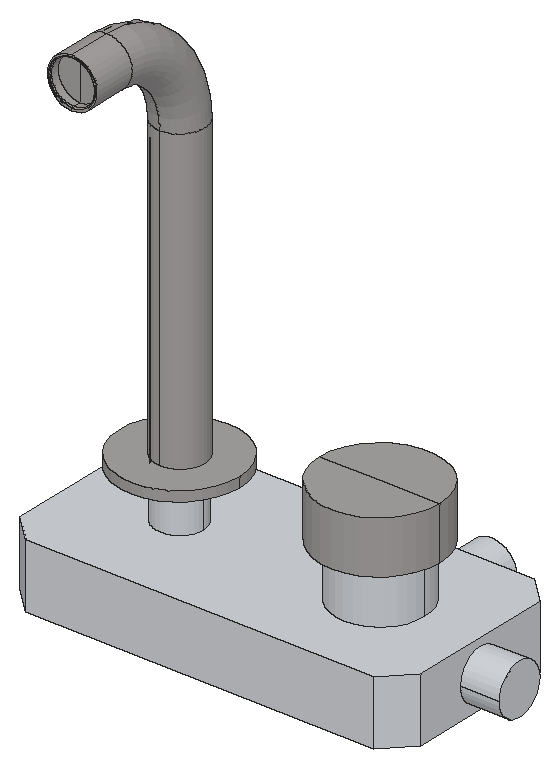
Revit family "Reece_Tap_Milli_Pure_Bath Mixer System_200 mm Reach", category Plumbing Fixtures, host Face, Revit 2018
Family settings
  Host = Face
  Round Connector Dimension = Use Diameter
  Part Type = Normal
  Cut with Voids When Loaded = No
  Shared = Yes
  Room Calculation Point = Yes
Parameters
  WFU = 0  # constant formula
  URL = "https://www.reece.com.au/product/-2299035"
  Type Comments = "Tap"
  Reece_Tap_Reach = 200 mm  # constant formula
  Reece_Tap_Inlet = 25 mm  # constant formula
  Reece_Product_Web Page = "https://www.reece.com.au/product/-2299035"
  Reece_Product_Type = "Tap"  # constant formula
  Reece_Product_Sub Brand = "Pure"  # constant formula
  Reece_Product_Number = "2299035"
  Reece_Product_Mount = "Wall Mounted"
  Reece_Product_Description = "Milli Pure Progressive Wall Bath Mixer Tap System 200mm Brushed Gunmetal"
  Reece_Product_Brand = "Milli"  # constant formula
  Reece_Overall_Length = 212.5 mm  # constant formula
  Reece_Material-Main = Reece_Brass_Brushed Gunmetal
  Reece_Detail_Installation = ""
  Reece_Detail_Disclaimer = "THIS FILE IS THE PROPERTY OF THE REECE GROUP. IT MAY NOT BE REPRODUCED, REVERSE-ENGINEERED OR MODIFIED. ANY REPUBLICATION, TRANSMISSION OR DISTRIBUTION FOR THE PURPOSE OF COMMERCIALLY EXPLOITING THE FILES IS PROHIBITED."  # constant formula
  Reece_Detail_Connector = ""
  Reece_Detail_Additional = "Bath Mixer System"  # constant formula
  Model = "Pure"
  Manufacturer = "Milli"
  Keynote = "Product #2299035, Reece_Tap_Milli_Pure_Bath Mixer System_200 mm Reach -  "
  HWFU = 0  # constant formula
  Disclaimer = "THIS FILE IS THE PROPERTY OF THE REECE GROUP. IT MAY NOT BE REPRODUCED, REVERSE-ENGINEERED OR MODIFIED. ANY REPUBLICATION, TRANSMISSION OR DISTRIBUTION FOR THE PURPOSE OF COMMERCIALLY EXPLOITING THE FILES IS PROHIBITED."  # constant formula
  Description = "Milli Pure Progressive Wall Bath Mixer Tap System 200mm Brushed Gunmetal"
  Default Elevation = 1000 mm
  CWFU = 0  # constant formula
Types (7, lengths in mm): name | URL | Reece_Product_Web Page | Reece_Product_Number | Reece_Product_Description | Reece_Material-Main | Keynote | Description
  (no name) | "https://www.reece.com.au/product/-2299035" | "https://www.reece.com.au/product/-2299035" | "2299035" | "Milli Pure Progressive Wall Bath Mixer Tap System 200mm Brushed Gunmetal" | Reece_Brass_Brushed Gunmetal | "Product #2299035, Reece_Tap_Milli_Pure_Bath Mixer System_200 mm Reach -  " | "Milli Pure Progressive Wall Bath Mixer Tap System 200mm Brushed Gunmetal"
  Brushed Gunmetal | "https://www.reece.com.au/product/-2299035" | "https://www.reece.com.au/product/-2299035" | "2299035" | "Milli Pure Progressive Wall Bath Mixer Tap System 200mm Brushed Gunmetal" | Reece_Brass_Brushed Gunmetal | "Product #2299035, Reece_Tap_Milli_Pure_Bath Mixer System_200 mm Reach - Brushed Gunmetal" | "Milli Pure Progressive Wall Bath Mixer Tap System 200mm Brushed Gunmetal"
  Brushed Nickel | "https://www.reece.com.au/product/-2299216" | "https://www.reece.com.au/product/-2299216" | "2299216" | "Milli Pure Progressive Wall Bath Mixer Tap System 200mm Brushed Nickel" | Reece_Brass_Brushed Nickel | "Product #2299216, Reece_Tap_Milli_Pure_Bath Mixer System_200 mm Reach - Brushed Nickel" | "Milli Pure Progressive Wall Bath Mixer Tap System 200mm Brushed Nickel"
  Chrome | "https://www.reece.com.au/product/-2299026" | "https://www.reece.com.au/product/-2299026" | "2299026" | "Milli Pure Progressive Wall Bath Mixer Tap System 200mm Chrome" | Reece_Brass_Chrome | "Product #2299026, Reece_Tap_Milli_Pure_Bath Mixer System_200 mm Reach - Chrome" | "Milli Pure Progressive Wall Bath Mixer Tap System 200mm Chrome"
  Matte Black | "https://www.reece.com.au/product/-2299029" | "https://www.reece.com.au/product/-2299029" | "2299029" | "Milli Pure Progressive Wall Bath Mixer Tap System 200mm Matte Black" | Reece_Brass_Matte Black | "Product #2299029, Reece_Tap_Milli_Pure_Bath Mixer System_200 mm Reach - Matte Black" | "Milli Pure Progressive Wall Bath Mixer Tap System 200mm Matte Black"
  PVD Brushed Bronze | "https://www.reece.com.au/product/-9511153" | "https://www.reece.com.au/product/-9511153" | "9511153" | "Milli Pure Progressive Bath Mixer Tap System 200mm PVD Brushed Bronze" | Reece_PVD_Brushed Bronze | "Product #9511153, Reece_Tap_Milli_Pure_Bath Mixer System_200 mm Reach - PVD Brushed Bronze" | "Milli Pure Progressive Bath Mixer Tap System 200mm PVD Brushed Bronze"
  PVD Brushed Gold | "https://www.reece.com.au/product/-9510968" | "https://www.reece.com.au/product/-9510968" | "9510968" | "Milli Pure Progressive Bath Mixer Tap System 200mm PVD Brushed Gold" | Reece_PVD_Brushed Gold | "Product #9510968, Reece_Tap_Milli_Pure_Bath Mixer System_200 mm Reach - PVD Brushed Gold" | "Milli Pure Progressive Bath Mixer Tap System 200mm PVD Brushed Gold"
Reference planes
  plane 1 "Center (Front/Back)": y = 0
  plane 2 "Bottom": z = 0
  plane 3 "Center (Left/Right)": x = 0
  plane 4 "Top": z = 212.5
  plane 5: z = 200
  plane 6: x = -50
  plane 7: x = 50
  plane 8 "Center L/U": z = 187.5
  plane 9: y = -67
  plane 10: y = 12.5
Forms (mm)
  Extrusion 1, solid, material "Reece_Brass_Brushed Gunmetal" <- "Reece_Material-Main"
    sketch origin (-50, 0, 0) x (1, 0, 0) y (0, 1, 0)
      loop
        circle (0, 0) r 30
      loop
        circle (0, 0) r 12.5
    from 0 to 5
  Extrusion 2, solid
    sketch origin (0, 0, 0) x (1, 0, 0) y (0, 1, 0)
      loop
        line (-87, 50) -> (-100, 37) -> (-100, -37) -> (-87, -50) -> (87, -50) -> (100, -37) -> (100, 37) -> (87, 50) -> (-87, 50)
    from -57 to -25
  Extrusion 3, void
    sketch origin (0, 0, 0) x (1, 0, 0) y (0, 1, 0)
      loop
        circle (50, 0) r 26
      loop
        circle (-50, 0) r 13
    from -25 to 0
  Extrusion 4, solid
    sketch origin (0, 0, 0) x (1, 0, 0) y (0, 1, 0)
      loop
        circle (50, 0) r 22.5
    from -25 to 0
  Extrusion 5, solid
    sketch origin (0, 0, 0) x (1, 0, 0) y (0, 1, 0)
      loop
        circle (-50, 0) r 12
    from -25 to 0
  Extrusion 6, solid
    sketch origin (-0.101, 0.084, 0) x (0.999999, -0.001684, 0) y (0, 0, -1)
      loop
        circle (50, 41) r 12.5
    from 50 to 69.637
  Extrusion 7, solid
    sketch origin (50.105, -50.084, 0) x (-0.001684, 0.999999, 0) y (0, 0, 1)
      loop
        circle (50, -41) r 12.5
    from 50 to 69.637
  Revolve 8, solid, material "Reece_Brass_Brushed Gunmetal" <- "Reece_Material-Main"
    sketch origin (-50.065, -0.032, 40) x (0, 1, 0) y (0, 0, 1)
      loop
        line (-66.1, 170.9) -> (-62.1, 170.9) -> (-62.1, 160) -> (-59.9, 160) -> (-59.9, 171.5) -> (-66.968, 171.5) -> (-66.1, 170.9)
      axis (-66.968, 160) -> (-59.9, 160)
    angle from 0 to 360
  Revolve 9, solid, material "Reece_Brass_Brushed Gunmetal" <- "Reece_Material-Main"
    sketch origin (0, 0, 0) x (1, 0, 0) y (0, 0, 1)
      loop
        line (80, 28) -> (50, 28) -> (50, 0) -> (77, 0) -> (77, 1.564) -> (80, 1.564) -> (80, 28)
      axis (50, 28) -> (50, 0)
    angle from 0 to 360
  Sweep 10, solid, material "Reece_Brass_Brushed Gunmetal" <- "Reece_Material-Main"
    path origin (0, 0, -2.925) x (0, 1, 0) y (0, 0, 1)
      loop
        line (0, 2.925) -> (0, 157.665)
        arc (0, 157.665) -> (-13.256, 189.668) -> (-45.259, 202.925) r 45.259
        line (-45.259, 202.925) -> (-67, 202.925)
    profile origin (0, 0, 77.37) x (0, -1, 0) y (1, 0, 0)
      loop
        circle (0, -50) r 12.5
      loop
        circle (0, -50) r 11.5
Cuts and joins
  Extrusion 3 cuts Extrusion 1
  joined: Extrusion 2, Extrusion 6, Extrusion 7
Text (mm)
  text "Reece Copyright © 2018, Reece Ltd." at (-296.604, -186.334, 0), in view "Ref. Level"
  text "Reece ©" at (-9.077, 133.301, 120.157), in view "Reece Preview"
Dimensions and locks
  "Reece_Tap_Reach": plane 5 to plane 2 "Bottom"
  "Reece_Overall_Length": plane 4 "Top" to level
  plane 8 "Center L/U" to plane 4 "Top" = 25 mm  (x2)
  plane 6 to plane 7 = 100 mm  (x3)
  plane 10 to plane 9 = 79.5 mm
  plane 9 to plane 1 "Center (Front/Back)" = 67 mm
  aligned and locked: plane 2 "Bottom" to host face
  aligned and locked: level to host face
  aligned and locked: level to Extrusion 3
  aligned and locked: Extrusion 3 to Extrusion 4
  aligned and locked: Extrusion 2 to Extrusion 4
Automatic sketch dimensions
  host sketch curve to host sketch curve = 380.785 mm
  host sketch curve to host sketch curve = 317.421 mm
  Extrusion 1 sketch curve to Extrusion 1 sketch curve = 0 mm  (x6)
  plane 1 "Center (Front/Back)" to Extrusion 1 sketch curve = 0 mm
  Extrusion 1 sketch curve to plane 6 = 0 mm
  Extrusion 1 sketch curve to plane 6 = 12.5 mm
  Extrusion 2 sketch curve to plane 6 = 50 mm
  Extrusion 2 sketch curve to Extrusion 2 sketch curve = 13 mm  (x6)
  Extrusion 2 sketch curve to plane 7 = 37 mm  (x2)
  plane 1 "Center (Front/Back)" to Extrusion 2 sketch curve = 50 mm
  Extrusion 2 sketch curve to plane 1 "Center (Front/Back)" = 37 mm  (x2)
  plane 1 "Center (Front/Back)" to Extrusion 3 sketch curve = 0 mm  (x2)
  Extrusion 3 sketch curve to plane 6 = 0 mm
  Extrusion 3 sketch curve to plane 7 = 0 mm
  plane 1 "Center (Front/Back)" to Extrusion 4 sketch curve = 0 mm
  Extrusion 4 sketch curve to plane 7 = 0 mm
  plane 1 "Center (Front/Back)" to Extrusion 5 sketch curve = 0 mm
  Extrusion 5 sketch curve to plane 6 = 0 mm
  plane 7 to Revolve 9 sketch curve = 0 mm  (x2)
  Revolve 9 sketch curve to level = 0 mm
  level to Revolve 9 sketch curve = 1.564 mm
  Revolve 9 sketch curve to plane 7 = 27 mm
  Revolve 9 sketch curve to Revolve 9 sketch curve = 3 mm
  Revolve 9 sketch curve to plane 5 = 27.5 mm
  Sweep 10 sketch curve to profile plane = 0 mm
  Sweep 10 sketch curve to plane 3 "Center (Left/Right)" = 50 mm
  Sweep 10 sketch curve to Sweep 10 sketch curve = 0 mm  (x2)
  Revolve 8 sketch curve to plane 5 = 0 mm  (x2)
  Revolve 8 sketch curve to plane 4 "Top" = 1 mm
  plane 1 "Center (Front/Back)" to Revolve 8 sketch curve = 67 mm
  Revolve 8 sketch curve to Revolve 8 sketch curve = 0.868 mm
  Revolve 8 sketch curve to Revolve 8 sketch curve = 4 mm
  Revolve 8 sketch curve to Revolve 8 sketch curve = 2.2 mm
  Revolve 8 sketch curve to plane 4 "Top" = 1.6 mm
  Revolve 8 sketch curve to Revolve 8 sketch curve = 4.9 mm
  Revolve 8 sketch curve to Revolve 8 sketch curve = 1.973 mm
  Sweep 10 sketch curve to plane 1 "Center (Front/Back)" = 0 mm
  Sweep 10 sketch curve to plane 5 = 45.259 mm
  plane 5 to Sweep 10 sketch curve = 0 mm
  Sweep 10 sketch curve to Sweep 10 sketch curve = 21.741 mm
  Sweep 10 sketch curve to level = 0 mm
  Extrusion 6 sketch curve to level = 41 mm
  Extrusion 7 sketch curve to level = 41 mm
  Revolve 9 sketch curve to Revolve 9 sketch curve = 26.436 mm
  Revolve 9 sketch curve to level = 53.5 mm
  radius of Extrusion 1 sketch curve = 30 mm
  radius of Extrusion 3 sketch curve = 26 mm
  radius of Extrusion 3 sketch curve = 13 mm
  radius of Extrusion 4 sketch curve = 22.5 mm
  radius of Extrusion 5 sketch curve = 12 mm
  radius of Extrusion 6 sketch curve = 12.5 mm
  radius of Extrusion 7 sketch curve = 12.5 mm
  radius of Sweep 10 sketch curve = 12.5 mm
  radius of Sweep 10 sketch curve = 11.5 mm
Connectors
  piping at (50.017, 69.637, -41), diameter 25, driven by "Reece_Tap_Inlet"
    settings: on Extrusion 6, index 1, connector inside diameter 609.6 mm, connector length 0 mm, flow factor 0, pipe flow 0.0 L/s, pressure drop 0.0 Pa, fitting loss kfactor 0, connector angle 0.00°, fixture units 0, engagement length 0 mm, angle of deflection 0.00°, flow configuration 0, flow direction 1, fitting loss method 0, system type 29, joint type 0, gender type 0, connector reference index -1, connector utility 0, adjustable connector no, is connector primary yes, connector description ""
  piping at (119.658, 0.033, -41), diameter 25, driven by "Reece_Tap_Inlet"
    settings: on Extrusion 7, index 2, connector inside diameter 609.6 mm, connector length 0 mm, flow factor 0, pipe flow 0.0 L/s, pressure drop 0.0 Pa, fitting loss kfactor 0, connector angle 0.00°, fixture units 0, engagement length 0 mm, angle of deflection 0.00°, flow configuration 0, flow direction 1, fitting loss method 0, system type 29, joint type 0, gender type 0, connector reference index -1, connector utility 0, adjustable connector no, is connector primary no, connector description ""
